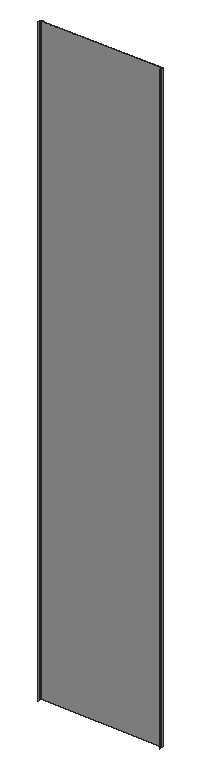
Revit family "Deckel rastbar- DGRR 50_100_150_200_300_400_500_600_FS_FT", category Generic Models, Revit 2017
Family settings
  Can host rebar = No
  Round Connector Dimension = Use Diameter
  Part Type = Normal
  Work Plane-Based = No
  Always vertical = Yes
  Cut with Voids When Loaded = No
  Shared = No
  Room Calculation Point = No
Parameters (values of type "DGRR 600 A2")
  Width 1 = Width / 2  # 300 mm
  Width = 600 mm
  URL = "http://www.obo-bettermann.com"
  Material = Edelstahl, rostfrei A2
  Manufacturer Art.No. = "6001874"
  Manufacturer = "OBO BETTERMANN"
  GTIN = "4012196687855"
  Article Type = "DGRR 600 A2"
Types (25, lengths in mm): name | Width 1 | Width | Material | Manufacturer Art.No. | GTIN | Article Type
  (no name) | 300 | 600 | Edelstahl, rostfrei A2 | "6001874" | "4012196687855" | "DGRR 600 A2"
  DGRR 50 FT | 25 | 50 | Edelstahl, rostfrei A2 | "6001820" | "4012196687251" | "DGRR 50 FT"
  DGRR 100 FT | 50 | 100 | Edelstahl, rostfrei A2 | "6001822" | "4012196687268" | "DGRR 100 FT"
  DGRR 150 FT | 75 | 150 | Edelstahl, rostfrei A2 | "6001824" | "4012196687275" | "DGRR 150 FT"
  DGRR 200 FT | 100 | 200 | Edelstahl, rostfrei A2 | "6001826" | "4012196687282" | "DGRR 200 FT"
  DGRR 300 FT | 150 | 300 | Edelstahl, rostfrei A2 | "6001828" | "4012196687299" | "DGRR 300 FT"
  DGRR 400 FT | 200 | 400 | Edelstahl, rostfrei A2 | "6001830" | "4012196687305" | "DGRR 400 FT"
  DGRR 500 FT | 250 | 500 | Edelstahl, rostfrei A2 | "6001832" | "4012196687312" | "DGRR 500 FT"
  DGRR 600 FT | 300 | 600 | Edelstahl, rostfrei A2 | "6001834" | "4012196687329" | "DGRR 600 FT"
  DGRR 100 FS | 50 | 100 | Strip-galvanised | "6001842" | "4012196687121" | "DGRR 100 FS"
  DGRR 150 FS | 75 | 150 | Strip-galvanised | "6001844" | "4012196687138" | "DGRR 150 FS"
  DGRR 200 FS | 100 | 200 | Strip-galvanised | "6001846" | "4012196687145" | "DGRR 200 FS"
  DGRR 300 FS | 150 | 300 | Strip-galvanised | "6001848" | "4012196687152" | "DGRR 300 FS"
  DGRR 400 FS | 200 | 400 | Strip-galvanised | "6001850" | "4012196687169" | "DGRR 400 FS"
  DGRR 600 FS | 300 | 600 | Strip-galvanised | "6001854" | "4012196687183" | "DGRR 600 FS"
  DGRR 50 FS | 25 | 50 | Strip galvanised | "6001840" | "4012196687114" | "DGRR 50 FS"
  DGRR 500 FS | 250 | 500 | Strip-galvanised | "6001854" | "4012196687176" | "DGRR 500 FS"
  DGRR 50 A2 | 25 | 50 | Edelstahl, rostfrei A2 | "6001860" | "4012196687190" | "DGRR 50 A2"
  DGRR 100 A2 | 75 | 150 | Edelstahl, rostfrei A2 | "6001864" | "4012196687206" | "DGRR 150 A2"
  DGRR 150 A2 | 75 | 150 | Edelstahl, rostfrei A2 | "6001866" | "4012196687213" | "DGRR 200 A2"
  DGRR 200 A2 | 100 | 200 | Edelstahl, rostfrei A2 | "6001868" | "4012196687848" | "DGRR 200 A2"
  DGRR 300 A2 | 150 | 300 | Edelstahl, rostfrei A2 | "6001870" | "4012196687220" | "DGRR 400 A2"
  DGRR 400 A2 | 200 | 400 | Edelstahl, rostfrei A2 | "6001872" | "4012196687855" | "DGRR 500 A2"
  DGRR 500 A2 | 300 | 600 | Edelstahl, rostfrei A2 | "6001874" | "4012196687855" | "DGRR 600 A2"
  DGRR 600 A2 | 300 | 600 | Edelstahl, rostfrei A2 | "6001874" | "4012196687855" | "DGRR 600 A2"
Reference planes
  plane 1 "Center (Front/Back)": y = 0
  plane 2: z = 0
  plane 3 "Center (Left/Right)": x = 0
  plane 4: y = 6.7
  plane 5: y = 11.45
  plane 6: y = 1.95
  plane 7: y = 11.45
  plane 8: y = 1.95
  plane 9: z = 3000
Forms (mm)
  Extrusion 1, solid, material "Edelstahl, rostfrei A2" <- "Material"
    sketch origin (0, 0, 0) x (1, 0, 0) y (0, 1, 0)
      loop
        line (-300.8, 15) -> (-300.8, 11.272) -> (-298.868, 6.699) -> (-300.8, 2.112) -> (-300.8, 0) -> (-300, 0) -> (-300, 1.95) -> (-298, 6.7) -> (-300, 11.434) -> (-300, 14.2) -> (300, 14.2) -> (300, 11.45) -> (298, 6.7) -> (300, 1.95) -> (300, 0) -> (300.8, 0) -> (300.8, 2.112) -> (298.868, 6.7) -> (300.8, 11.288) -> (300.8, 15) -> (-300.8, 15)
    from 0 to 3000
Dimensions and locks
  locked: plane 4 to Extrusion 1 sketch curve at 8.3
  locked: plane 5 to plane 4 at 4.75
  locked: plane 4 to plane 6 at 4.75
  "Width": Extrusion 1 sketch curve to Extrusion 1 sketch curve
  "Width 1": Extrusion 1 sketch curve to plane 3 "Center (Left/Right)"
  locked: Extrusion 1 sketch curve to Extrusion 1 sketch curve at 2  (x2)
  locked: Extrusion 1 sketch curve to Extrusion 1 sketch curve at 15  (x2)
  locked: Extrusion 1 sketch curve to Extrusion 1 sketch curve at 0.8  (x9)
  plane 9 to Extrusion 1 = 3000 mm
  aligned and locked: level to plane 2
  aligned and locked: plane 5 to Extrusion 1 sketch curve
  aligned and locked: Extrusion 1 sketch curve to Extrusion 1 sketch curve  (x2)
  aligned and locked: plane 1 "Center (Front/Back)" to Extrusion 1  (x2)
  aligned and locked: Extrusion 1 to plane 9
Automatic sketch dimensions
  Extrusion 1 sketch curve to plane 4 = 0.001 mm
  Extrusion 1 sketch curve to Extrusion 1 sketch curve = 0.868 mm  (x2)
  Extrusion 1 sketch curve to plane 4 = 0 mm
  Extrusion 1 sketch curve to plane 6 = 0 mm
